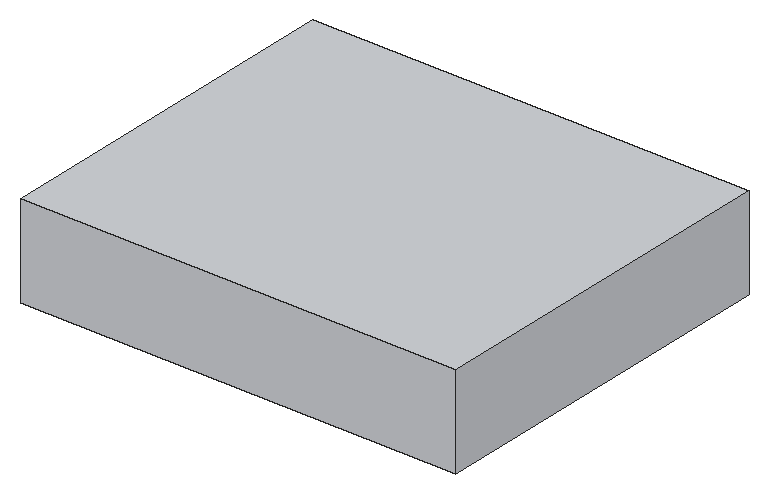
Revit family "M_Amplificador", category Dispositivos de comunicação, Revit 2019
Family settings
  Manter orientação da anotação = Sim
  Cota do conector redondo = Utilizar diâmetro
  Tipo de parte = Normal
  Número OmniClass = 23.85.10.11.14.14.17
  Título OmniClass = Sound Amplifiers
  ID de item do Seek = Amplifier-0000-CAN-ENU
  Com base no plano de trabalho = Não
  Sempre na vertical = Sim
  Corte com vazios quando carregada = Não
  Compartilhado = Não
  Ponto de cálculo do ambiente = Não
Parameters (values of type "Padrão")
  Largura = 419 mm
  Comprimento = 351 mm
  Legenda = "A"
  Altura = 89 mm
  Material do amplificador = none
Reference planes
  plane 1 "Centro (Frente/Trás)": y = 0
  plane 2: z = 0
  plane 3 "Centro (Esquerda/Direita)": x = 0
  plane 4: x = -209.5
  plane 5: x = 209.5
  plane 6: y = -351
  plane 7: z = 89
Forms (mm)
  Extrusion 1, solid, material <- "Material do amplificador"
    sketch origin (0, 0, 0) x (1, 0, 0) y (0, 1, 0)
      loop
        line (-209.5, 0) -> (-209.5, -351) -> (209.5, -351) -> (209.5, 0) -> (-209.5, 0)
    from 0 to 89
Lines and regions (mm)
  symbolic lines, detail levels fine
    curve 1: line (-209.5, 0, 0) -> (-209.5, -351, 0)
    curve 2: line (209.5, 0, 0) -> (-209.5, 0, 0)
    curve 3: line (209.5, -351, 0) -> (209.5, 0, 0)
    curve 4: line (-209.5, -351, 0) -> (209.5, -351, 0)
Dimensions and locks
  equal spacing: plane 4, plane 3 "Centro (Esquerda/Direita)", plane 5
  "Comprimento": plane 6 to plane 1 "Centro (Frente/Trás)"
  "Largura": plane 4 to plane 5
  "Altura": plane 7 to plane 2
  aligned and locked: Extrusion 1 to plane 1 "Centro (Frente/Trás)"
  aligned and locked: Extrusion 1 to plane 4
  aligned and locked: plane 5 to Extrusion 1
  aligned and locked: Extrusion 1 to plane 6
  aligned and locked: plane 7 to Extrusion 1
  aligned and locked: Extrusion 1 to plane 2
  aligned and locked: plane 1 "Centro (Frente/Trás)" to nested 1
  aligned and locked: plane 3 "Centro (Esquerda/Direita)" to nested 1
  aligned and locked: curve 1 to Extrusion 1
  aligned and locked: curve 2 to Extrusion 1
  aligned and locked: curve 3 to Extrusion 1
  aligned and locked: curve 4 to Extrusion 1
Automatic sketch dimensions
  Extrusion 1 sketch curve to plane 1 "Centro (Frente/Trás)" = 0 mm
  plane 4 to Extrusion 1 sketch curve = 0 mm
  Extrusion 1 sketch curve to plane 5 = 0 mm
  plane 1 "Centro (Frente/Trás)" to Extrusion 1 sketch curve = 351 mm
Nested families
  nested 1: "M_Anotação do amplificador" at (0, 0, 0), type "Anotação do amplificador", detail levels coarse+medium
Connectors
  electrical at (0, 0, 44.5)
    settings: on Extrusion 1, index 1, voltage 0 V, apparent load 0 VA, apparent load phase1 0 VA, apparent load phase2 0 VA, apparent load phase3 0 VA, power factor 1, load classification "Outros", number of poles 1, system type 14, power factor state 1, is connector primary yes, connector utility no, sub classification motor no, connector description ""
Definition of nested family "M_Anotação do amplificador"
  Parameters
    Anotação de legenda = "A"
  Reference planes
    plane 1: y = 0
    plane 2: x = 0
  Lines and regions (mm)
    reference lines
      curve 1: line (-1.984, 5.783, 0) -> (-1.984, -7.274, 0)
      curve 2: line (1.984, 7.519, 0) -> (1.984, -7.274, 0)
      curve 3: line (-6.856, 0, 0) -> (8.926, 0, 0)
      curve 4: line (-9.435, -3.969, 0) -> (9.615, -3.969, 0)
    detail lines
      curve 5: line (-1.984, 0, 0) -> (1.984, 0, 0)
      curve 6: line (-1.984, -3.969, 0) -> (-1.984, 0, 0)
      curve 7: line (1.984, -3.969, 0) -> (-1.984, -3.969, 0)
      curve 8: line (1.984, 0, 0) -> (1.984, -3.969, 0)
  Text (mm)
    label "A" at (-1.056, -2.107, 0), shows "Anotação de legenda"
  Dimensions and locks
    locked: curve 1 to plane 2 at 1.984
    locked: plane 2 to curve 2 at 1.984
    locked: curve 4 to curve 3 at 3.969
    aligned and locked: curve 3 to curve 5
    aligned and locked: curve 6 to curve 1
    aligned and locked: curve 7 to curve 4
    aligned and locked: curve 2 to curve 8
    aligned and locked: plane 1 to curve 3
